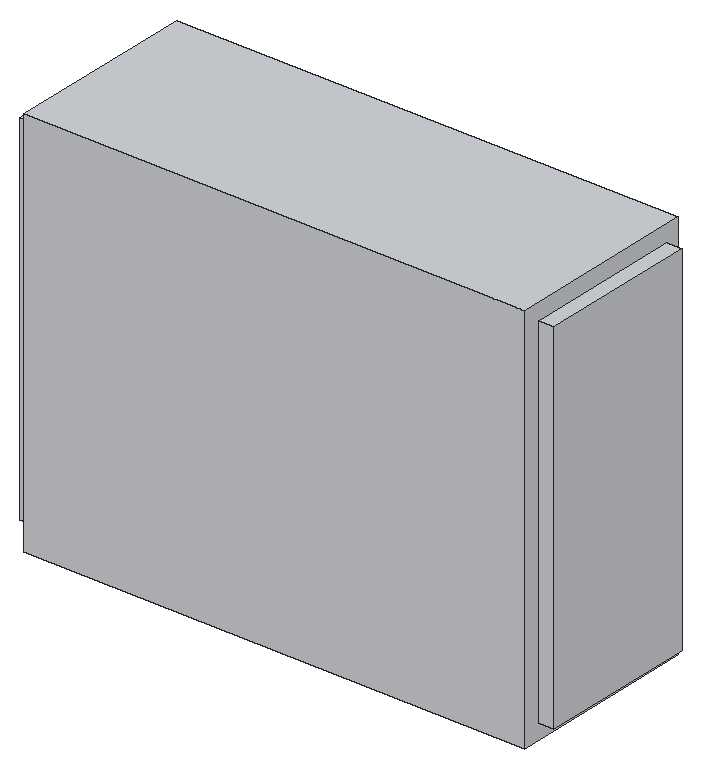
Revit family "M_AHU Módulo de inspeção - Pequeno", category Equipamento mecânico, Revit 2019
Family settings
  Cota do conector redondo = Utilizar diâmetro
  Tipo de parte = Normal
  Número OmniClass = 23.75.35.14
  Título OmniClass = Air Handling Units
  ID de item do Seek = AHU Inspection Module - Small-0000-CAN-ENU
  Com base no plano de trabalho = Não
  Sempre na vertical = Sim
  Corte com vazios quando carregada = Não
  Compartilhado = Não
  Ponto de cálculo do ambiente = Não
Parameters (values of type "Para 0,3 metros quadrados de serpentina")
  Material do módulo = none
  largura da inspeção = 305 mm
  Comprimento da inspeção = 800 mm
  Altura da inspeção = 625 mm
  Largura do duto = 800 mm
  Altura do duto = 625 mm
  Largura da porta = 254 mm
  Fluxo de ar [instance] = 705.0 L/s
Types (17, lengths in mm): name | largura da inspeção | Comprimento da inspeção | Altura da inspeção | Largura do duto | Altura do duto | Largura da porta | Fluxo de ar
  (no name) | 305 | 800 | 625 | 800 | 625 | 254 | 705.0 L/s
  Para 0,3 metros quadrados de serpentina | 305 | 800 | 625 | 800 | 625 | 254 | 705.0 L/s
  Para 0,6 metros quadrados de serpentina | 305 | 1100 | 700 | 1100 | 700 | 254 | 1410.0 L/s
  Para 0,7 metros quadrados de serpentina | 305 | 1200 | 800 | 1200 | 800 | 254 | 1880.0 L/s
  Para 0,9 metros quadrados de serpentina | 305 | 1500 | 850 | 1500 | 850 | 254 | 2350.0 L/s
  Para 1,1 metros quadrados de serpentina | 305 | 1600 | 950 | 1600 | 950 | 254 | 2820.0 L/s
  Para 1,3 metros quadrados de serpentina | 305 | 1700 | 1000 | 1700 | 1000 | 254 | 3290.0 L/s
  Para 1,6 metros quadrados de serpentina | 305 | 1850 | 1100 | 1850 | 1100 | 254 | 3995.0 L/s
  Para 2,0 metros quadrados de serpentina | 305 | 1900 | 1250 | 1900 | 1250 | 254 | 4395.0 L/s
  Para 2,3 metros quadrados de serpentina | 305 | 1950 | 1400 | 1950 | 1400 | 254 | 5875.0 L/s
  Para 2,8 metros quadrados de serpentina | 305 | 2300 | 1400 | 2300 | 1400 | 254 | 7050.0 L/s
  Para 3,3 metros quadrados de serpentina | 305 | 2400 | 1550 | 2400 | 1550 | 254 | 8460.0 L/s
  Para 3,7 metros quadrados de serpentina | 305 | 2750 | 1550 | 2750 | 1550 | 254 | 9400.0 L/s
  Para 4,6 metros quadrados de serpentina | 407 | 3000 | 1850 | 3000 | 1850 | 355.6 | 11750.0 L/s
  Para 6,1 metros quadrados de serpentina | 407 | 3450 | 2300 | 3500 | 2300 | 356 | 15510.0 L/s
  Para 7,4 metros quadrados de serpentina | 407 | 3450 | 2750 | 3500 | 2750 | 356 | 18800.0 L/s
  Para 9,3 metros quadrados de serpentina | 407 | 3800 | 3000 | 3850 | 3000 | 356 | 23500.0 L/s
Reference planes
  plane 1 "Centro (Frente/Trás)": y = 0
  plane 2: z = 0
  plane 3 "Centro (Esquerda/Direita)": x = 0
  plane 4: x = 400
  plane 5: x = -400
  plane 6: y = 305
  plane 7: z = 625
  plane 8: x = -425.4
  plane 9: x = 425.4
  plane 10: z = 599.6
  plane 11: y = 279.6
  plane 12: z = 25.4
  plane 13: y = 25.6
Forms (mm)
  Extrusion 1, solid, material <- "Material do módulo", detail levels medium+fine
    sketch origin (0, 0, 0) x (1, 0, 0) y (0, 1, 0)
      loop
        line (-400, 305) -> (-400, 0) -> (400, 0) -> (400, 305) -> (-400, 305)
    from 0 to 625
  Extrusion 2, solid, material <- "Material do módulo", detail levels medium+fine
    sketch origin (0, 0, 0) x (0, 1, 0) y (0, 0, 1)
      loop
        line (25.6, 599.6) -> (25.6, 25.4) -> (279.6, 25.4) -> (279.6, 599.6) -> (25.6, 599.6)
    from -425.4 to 425.4
  Extrusion 3, solid, material <- "Material do módulo", detail levels coarse
    sketch origin (0, 0, 0) x (1, 0, 0) y (0, 1, 0)
      loop
        line (-425.4, 305) -> (-425.4, 0) -> (425.4, 0) -> (425.4, 305) -> (-425.4, 305)
    from 0 to 625
Dimensions and locks
  equal spacing: plane 5, plane 3 "Centro (Esquerda/Direita)", plane 4
  "Comprimento da inspeção": plane 5 to plane 4
  "largura da inspeção": plane 1 "Centro (Frente/Trás)" to plane 6
  "Altura da inspeção": plane 7 to plane 2
  locked: plane 8 to plane 5 at 25.4
  locked: plane 4 to plane 9 at 25.4
  locked: plane 12 to plane 2 at 25.4
  locked: plane 7 to plane 10 at 25.4
  locked: plane 11 to plane 6 at 25.4
  "Largura da porta": plane 13 to plane 11
  aligned and locked: plane 5 to Extrusion 1 sketch curve
  aligned and locked: plane 6 to Extrusion 1 sketch curve
  aligned and locked: plane 1 "Centro (Frente/Trás)" to Extrusion 1 sketch curve
  aligned and locked: Extrusion 1 sketch curve to plane 4
  aligned and locked: Extrusion 1 to plane 2
  aligned and locked: plane 7 to Extrusion 1
  aligned and locked: plane 13 to Extrusion 2 sketch curve
  aligned and locked: Extrusion 2 sketch curve to plane 10
  aligned and locked: plane 12 to Extrusion 2 sketch curve
  aligned and locked: plane 11 to Extrusion 2 sketch curve
  aligned and locked: plane 9 to Extrusion 2
  aligned and locked: plane 8 to Extrusion 2
  aligned and locked: plane 8 to Extrusion 3 sketch curve
  aligned and locked: plane 6 to Extrusion 3 sketch curve
  aligned and locked: plane 1 "Centro (Frente/Trás)" to Extrusion 3 sketch curve
  aligned and locked: Extrusion 3 sketch curve to plane 9
  aligned and locked: Extrusion 3 to plane 2
  aligned and locked: plane 7 to Extrusion 3
Connectors
  hvac at (0, 0, 312.5), driven by "Altura do duto", driven by "Largura do duto", driven by "Fluxo de ar"
    settings: on Extrusion 1, index 1, duct flow 705.0 L/s, flow factor 0, pres drop 0.0 Pa, loss coef 0, conn angle 0.00°, conn width 800 mm, conn height 625 mm, conn diameter 609.6 mm, duct sys type 1, conn prof type 1, flow config 0, flow direction 0, loss method 0, conn ref index 2, conn util no, is conn primary yes, conn desc ""
  hvac at (0, 305, 312.5), driven by "Altura do duto", driven by "Largura do duto", driven by "Fluxo de ar"
    settings: on Extrusion 1, index 2, duct flow 705.0 L/s, flow factor 0, pres drop 0.0 Pa, loss coef 0, conn angle 0.00°, conn width 800 mm, conn height 625 mm, conn diameter 609.6 mm, duct sys type 1, conn prof type 1, flow config 0, flow direction 0, loss method 0, conn ref index 1, conn util no, is conn primary no, conn desc ""
